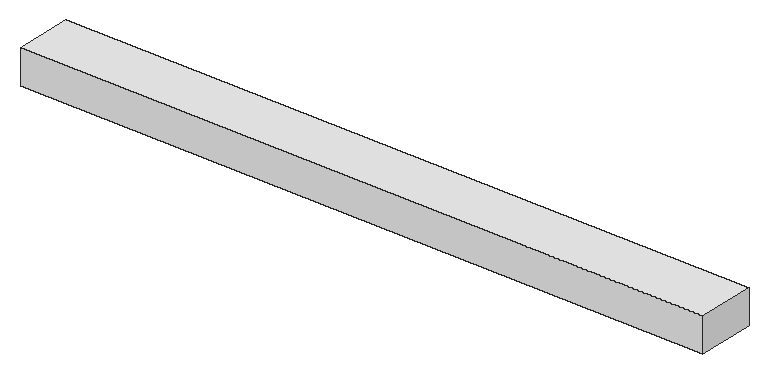
Revit family "M_Enrijecedor Linear-Placa", category Enrijecedores estruturais, Revit 2019
Family settings
  Número OmniClass = 23.25.30.11.27
  Título OmniClass = Vibration and Earthquake Controls
  ID de item do Seek = Linear Stiffener-Plate-0000-CAN-ENU
  Corte com vazios quando carregada = Não
  Compartilhado = Não
Parameters (values of type "Padrão")
  d [instance] = 15 mm
  b [instance] = 25 mm
  Material de enrijecedor [instance] = Metal - Aço 345 MPa
  built-in parameter 1001306 [instance] = 300 mm
Reference planes
  plane 1 "Centro (Frente/Trás)": y = 0
  plane 2: z = 0
  plane 3 "Esquerda": x = 0
  plane 4 "Direita": x = 300
Forms (mm)
  Sweep 1, solid, material "Metal - Aço 345 MPa" <- "Material de enrijecedor", detail levels medium+fine
    path in 3D
      loop
        line (0, 0, 0) -> (300, 0, 0)
    profile origin (150, 0, 0) x (0, 1, 0) y (0, 0, 1)
      loop
        line (-25, 15) -> (-25, 0) -> (0, 0) -> (0, 15) -> (-25, 15)
Lines and regions (mm)
  reference lines
    curve 1: line (0, 0, 0) -> (300, 0, 0)
  sketch lines
    curve 2: line (0, 0, 0) -> (300, 0, 0)
Dimensions and locks
  "built-in parameter 1001306": plane 3 "Esquerda" to plane 4 "Direita"
  "b": Sweep 1 sketch curve to Sweep 1 sketch curve
  "d": Sweep 1 sketch curve to Sweep 1 sketch curve
  aligned and locked: plane 4 "Direita" to curve 1
  aligned and locked: plane 1 "Centro (Frente/Trás)" to curve 1
  aligned and locked: plane 3 "Esquerda" to curve 1
  aligned and locked: profile plane to Sweep 1 sketch curve  (x2)
